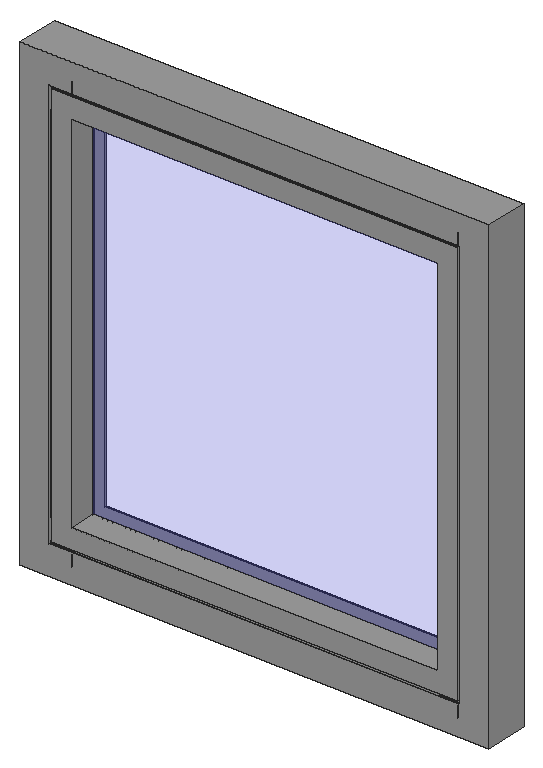
Revit family "3375 OC001_v02", category Windows, host Wall, Revit 2015
Parameters
  Wall Thickness [instance] = 0' - 6"
  URL = "obe.com"
  Rough Width = Width + 0' 0 1/2"  # 3' - 0 1/2"
  Rough Height = Height + 0' 0 1/2"  # 3' - 0 1/2"
  Offset Limitation [instance] = if((Offset + 0' 3 11/16") > Wall Thickness, (Wall Thickness - 0' 3 3/8"), Offset)  # 0' - 0"
  Offset [instance] = 0' - 0"
  Model = "3375 OC001"
  Manufacturer = "Oldcastle BuildingEnvelope®"
  Keynote = "08 51 00"
  Height = 3' - 0"
  Glass Material = Glass
  Gasket Material = Gasket
  Frame Material = Aluminum
  Description = "SIGNATURE SERIES 3375"
  Default Sill Height = 3' - 0"
  Wall Closure = By host
  Width = 3' - 0"
  Assembly Code = "B2020"
Reference planes (in)
  plane 1 "Center (Front/Back)": y = 0
  plane 2: z = 0
  plane 3 "Center (Left/Right)": x = 0
  plane 4 "Left": x = -18.25
  plane 5 "Right": x = 18.25
  plane 6 "Sill": z = 36
  plane 7 "Top": z = 72.5
  plane 8: x = 18
  plane 9: x = -18
  plane 10: z = 72.25
  plane 11: z = 36.25
  plane 12 "Offset": y = 3
  plane 13: z = 39.17769
  plane 14: z = 69.32231
  plane 15 "EXT": y = 2.84
  plane 16: z = 54.25
Forms (in)
  Sweep 1, solid, material "Aluminum" <- "Frame Material"
    path origin (0, 3, 0) x (1, 0, 0) y (0, 0, 1)
      loop
        line (-18, 36) -> (-18, 72.5)
    profile origin (-18, 3, 54.25) x (-1, 0, 0) y (0, -1, 0)
      loop
        line (-2, 3.375) -> (-2, 3.305) -> (-1, 3.305) -> (-1, 0) -> (0.25, 0) -> (0.25, 3.375) -> (-2, 3.375)
  Sweep 2, solid, material "Aluminum" <- "Frame Material"
    path origin (0, 3, 0) x (1, 0, 0) y (0, 0, 1)
      loop
        line (18, 36) -> (18, 72.5)
    profile origin (18, 3, 54.25) x (-1, 0, 0) y (0, -1, 0)
      loop
        line (-0.25, 3.375) -> (-0.25, 0) -> (1, 0) -> (1, 3.305) -> (2, 3.305) -> (2, 3.375) -> (-0.25, 3.375)
  Sweep 3, solid, material "Aluminum" <- "Frame Material"
    path origin (0, 3, 0) x (1, 0, 0) y (0, 0, 1)
      loop
        line (-18.25, 36.25) -> (18.25, 36.25)
    profile origin (0, 3, 36.25) x (0, 0, 1) y (0, -1, 0)
      loop
        line (-0.25, 3.375) -> (-0.25, 0) -> (1, 0) -> (1, 3.305) -> (2, 3.305) -> (2, 3.375) -> (-0.25, 3.375)
  Sweep 4, solid, material "Aluminum" <- "Frame Material"
    path origin (0, 3, 0) x (1, 0, 0) y (0, 0, 1)
      loop
        line (18.25, 72.25) -> (-18.25, 72.25)
    profile origin (0, 3, 72.25) x (0, 0, -1) y (0, -1, 0)
      loop
        line (-0.25, 3.375) -> (-0.25, 0) -> (0.99869, 0) -> (0.99869, 3.30485) -> (2, 3.30485) -> (2, 3.375) -> (-0.25, 3.375)
  Extrusion 5, solid, material "Glass" <- "Glass Material"
    sketch origin (0, 0, 36) x (0, -1, 0) y (1, 0, 0)
      loop
        line (-2.84, -15.07231) -> (-1.84, -15.07231) -> (-1.84, 15.07231) -> (-2.84, 15.07231) -> (-2.84, -15.07231)
    from 3.17769 to 33.32231
  Sweep 6, solid, material "Gasket" <- "Gasket Material", detail levels fine
    path origin (0, 3, 0) x (1, 0, 0) y (0, 0, 1)
      loop
        line (18, 72.25) -> (-18, 72.25) -> (-18, 36.25) -> (18, 36.25) -> (18, 72.25)
    profile origin (0, 3, 72.25) x (0, 0, -1) y (0, -1, 0)
      loop
        line (3.51276, 1.16) -> (3.6381, 1.16)
        arc (3.6381, 1.16) -> (3.68902, 1.22251) -> (3.63811, 1.28504) r 0.06384
        line (3.63811, 1.28504) -> (3.51276, 1.28504)
        arc (3.51276, 1.28504) -> (3.4645, 1.22252) -> (3.51276, 1.16) r 0.06463
  Sweep 7, solid, material "Aluminum" <- "Frame Material"
    path origin (0, 3, 0) x (1, 0, 0) y (0, 0, 1)
      loop
        line (17.241, 72.25) -> (-17.241, 72.25)
    profile origin (0, 3, 72.25) x (0, 0, -1) y (0, -1, 0)
      loop
        line (0.759, -0.33) -> (2.55269, -0.33) -> (2.55269, 0) -> (3.74954, 0) -> (3.74954, 0.16) -> (2.92769, 0.16) -> (2.92769, 1.28504) -> (3.74954, 1.28504) -> (3.74954, 3.375) -> (2.18688, 3.375) -> (2.18688, 3.21497) -> (1.46757, 3.21497) -> (1.46757, -0.26503) -> (0.759, -0.26503) -> (0.759, -0.33)
  Sweep 8, solid, material "Aluminum" <- "Frame Material"
    path origin (0, 3, 0) x (1, 0, 0) y (0, 0, 1)
      loop
        line (17.241, 36.25) -> (-17.241, 36.25)
    profile origin (0, 3, 36.25) x (0, 0, -1) y (0, -1, 0)
      loop
        line (-0.759, -0.33) -> (-0.759, 0) -> (-1.46766, 0) -> (-1.46766, 3.215) -> (-2.18704, 3.215) -> (-2.18704, 3.375) -> (-3.74954, 3.375) -> (-3.74954, 1.28504) -> (-2.92769, 1.28504) -> (-2.92769, 0.16) -> (-3.74954, 0.16) -> (-3.74954, 0) -> (-2.55269, 0) -> (-2.55269, -0.33) -> (-0.759, -0.33)
  Sweep 9, solid, material "Aluminum" <- "Frame Material"
    path origin (0, 3, 0) x (1, 0, 0) y (0, 0, 1)
      loop
        line (18, 71.491) -> (18, 37.009)
    profile origin (18, 3, 54.25) x (0, -1, 0) y (1, 0, 0)
      loop
        line (3.375, -2.18704) -> (3.215, -2.18704) -> (3.215, -1.46766) -> (0, -1.46766) -> (0, -0.759) -> (-0.33, -0.759) -> (-0.33, -2.55269) -> (0, -2.55269) -> (0, -3.74954) -> (0.16, -3.74954) -> (0.16, -2.92769) -> (1.28504, -2.92769) -> (1.28504, -3.74954) -> (3.375, -3.74954) -> (3.375, -2.18704)
  Sweep 10, solid, material "Aluminum" <- "Frame Material"
    path origin (0, 3, 0) x (1, 0, 0) y (0, 0, 1)
      loop
        line (-18, 71.491) -> (-18, 37.009)
    profile origin (-18, 3, 54.25) x (0, -1, 0) y (1, 0, 0)
      loop
        line (1.28504, 3.74954) -> (1.28504, 2.92769) -> (0.16, 2.92769) -> (0.16, 3.74954) -> (0, 3.74954) -> (0, 2.55269) -> (-0.33, 2.55269) -> (-0.33, 0.759) -> (0, 0.759) -> (0, 1.46766) -> (3.215, 1.46766) -> (3.215, 2.18704) -> (3.375, 2.18704) -> (3.375, 3.74954) -> (1.28504, 3.74954)
  Sweep 11, void
    path origin (0, 3, 0) x (1, 0, 0) y (0, 0, 1)
      loop
        line (-16, 72.25) -> (16, 72.25)
    profile origin (0, 3, 72.25) x (0, 0, 1) y (0, -1, 0)
      loop
        line (-2, 3.375) -> (-2.18688, 3.375) -> (-2.18688, 3.21497) -> (-2, 3.21497) -> (-2, 3.375)
  Sweep 12, void
    path origin (0, 3, 0) x (1, 0, 0) y (0, 0, 1)
      loop
        line (-16, 36.25) -> (16, 36.25)
    profile origin (0, 3, 36.25) x (0, 0, 1) y (0, -1, 0)
      loop
        line (2.18704, 3.21497) -> (2.18704, 3.375) -> (2, 3.375) -> (2, 3.21497) -> (2.18704, 3.21497)
  Sweep 13, void
    path origin (0, 3, 0) x (1, 0, 0) y (0, 0, 1)
      loop
        line (-18, 38.25) -> (-18, 70.25)
    profile origin (-18, 3, 54.25) x (-1, 0, 0) y (0, -1, 0)
      loop
        line (-2, 3.375) -> (-2.18704, 3.375) -> (-2.18704, 3.21497) -> (-2, 3.21497) -> (-2, 3.375)
  Sweep 14, void
    path origin (0, 3, 0) x (1, 0, 0) y (0, 0, 1)
      loop
        line (18, 70.06312) -> (18, 38.43704)
    profile origin (18, 3, 54.25008) x (0, -1, 0) y (1, 0, 0)
      loop
        line (3.375, -2.18704) -> (3.375, -2) -> (3.21497, -2) -> (3.21497, -2.18704) -> (3.375, -2.18704)
Cuts and joins
  Sweep 11, Sweep 12, Sweep 13, Sweep 14 cuts Sweep 1
  Sweep 11, Sweep 12, Sweep 13, Sweep 14 cuts Sweep 2
  Sweep 11, Sweep 12, Sweep 13, Sweep 14 cuts Sweep 3
  Sweep 11, Sweep 12, Sweep 13, Sweep 14 cuts Sweep 4
  Sweep 11, Sweep 12, Sweep 13, Sweep 14 cuts Sweep 7
  Sweep 11, Sweep 12, Sweep 13, Sweep 14 cuts Sweep 8
  Sweep 11, Sweep 12, Sweep 13, Sweep 14 cuts Sweep 9
  Sweep 11, Sweep 12, Sweep 13, Sweep 14 cuts Sweep 10
  joined: Sweep 1, Sweep 2, Sweep 3, Sweep 4, Sweep 7, Sweep 8, Sweep 9, Sweep 10
Lines and regions (in)
  Opening 1
    outline origin (-60, -3, 0) x (1, 0, 0) y (0, 0, 1)
      loop
        line (41.75, 72.5) -> (41.75, 36) -> (78.25, 36) -> (78.25, 72.5) -> (41.75, 72.5)
  model lines, style "Opening Direction"
    curve 1: line (-14.25046, 2.84, 68.50046) -> (14.25046, 2.84, 54.25)
    curve 2: line (-14.25046, 2.84, 39.99954) -> (14.25046, 2.84, 54.25)
Text (in)
  text "EXTERIOR" at (-58.6888, 50.90694, 0), in view "Ref. Level"
  text "INTERIOR" at (-58.6888, -37.76638, 0), in view "Ref. Level"
  text "Exterior" at (0, 43.65631, 123.19604), in view "Left"
  text "Exterior" at (0, 18.29385, 125.04747), in view "Right"
  text "Min Operable Size\n\n20\" width x 22\" height\n\n\n\nMax Operable Size\n\n48\" x 72\"\n\n\n\n\n\nOperable Width must be less than or equal to height" at (126.0177, 73.12117, 0), in view "Ref. Level"
Dimensions and locks (in)
  equal spacing: plane 4 "Left", plane 3 "Center (Left/Right)", plane 5 "Right"
  "Rough Height": plane 6 "Sill" to plane 7 "Top"
  "Default Sill Height": plane 2 to plane 6 "Sill"
  locked: plane 6 "Sill" to plane 11 at 0.25
  locked: plane 8 to plane 5 "Right" at 0.25
  "Height": plane 11 to plane 10
  "Offset Limitation": plane 12 "Offset" to host wall
  "Wall Thickness": host wall to host wall
  "Width": plane 9 to plane 8
  "Rough Width": plane 4 "Left" to plane 5 "Right"
  Extrusion 5 sketch curve to Extrusion 5 sketch curve to plane 12 "Offset" = 0' - 1" locked, 0' - 0.16" locked
  locked: plane 14 to plane 10 at 2.92769
  locked: plane 11 to plane 13 at 2.92769
  locked: plane 15 "EXT" to plane 12 "Offset" at 0.16
  equal spacing: plane 6 "Sill", plane 16, plane 7 "Top"
  aligned and locked: plane 7 "Top" to Opening 1 sketch curve
  aligned and locked: plane 6 "Sill" to Opening 1 sketch curve  (x2)
  aligned and locked: plane 5 "Right" to Opening 1 sketch curve
  aligned and locked: plane 4 "Left" to Opening 1 sketch curve
  aligned and locked: level to plane 2
  aligned and locked: nested 1 to plane 11
  aligned and locked: nested 2 to plane 11
  aligned and locked: Extrusion 5 to plane 14
  aligned and locked: plane 13 to Extrusion 5
  aligned and locked: plane 3 "Center (Left/Right)" to nested 1
  aligned and locked: plane 12 "Offset" to nested 1
  aligned and locked: plane 3 "Center (Left/Right)" to nested 2
  aligned and locked: plane 12 "Offset" to nested 2
  aligned and locked: plane 10 to Sweep 7 sketch curve
  aligned and locked: plane 11 to Sweep 8 sketch curve
  aligned and locked: Sweep 9 sketch curve to plane 8
  aligned and locked: Sweep 10 sketch curve to plane 9
  aligned and locked: plane 10 to Sweep 11 sketch curve
  aligned and locked: plane 11 to Sweep 12 sketch curve
  aligned and locked: Sweep 13 sketch curve to plane 9
  aligned and locked: plane 8 to Sweep 14 sketch curve
  aligned and locked: plane 16 to curve 2
Automatic sketch dimensions
  Sweep 1 sketch curve to plane 7 "Top" = 0' - 0"
  plane 9 to Sweep 1 sketch curve = 0' - 0"
  Sweep 1 sketch curve to plane 6 "Sill" = 0' - 0"
  Sweep 1 sketch curve to profile plane = 0' - 0 1/4"
  Sweep 2 sketch curve to plane 7 "Top" = 0' - 0"
  plane 8 to Sweep 2 sketch curve = 0' - 0"
  Sweep 2 sketch curve to plane 6 "Sill" = 0' - 0"
  plane 12 "Offset" to Sweep 2 sketch curve = 0' - 0"
  plane 4 "Left" to Sweep 3 sketch curve = 0' - 0"
  plane 5 "Right" to Sweep 3 sketch curve = 0' - 0"
  Sweep 3 sketch curve to plane 11 = 0' - 0"
  profile plane to Sweep 3 sketch curve = 0' - 0 1/4"
  plane 4 "Left" to Sweep 4 sketch curve = 0' - 0"
  plane 5 "Right" to Sweep 4 sketch curve = 0' - 0"
  Sweep 4 sketch curve to plane 10 = 0' - 0"
  Extrusion 5 sketch curve to plane 9 = 0' - 2.92769"
  plane 8 to Extrusion 5 sketch curve = 0' - 2.92769"
  plane 9 to Sweep 6 sketch curve = 0' - 0"
  plane 8 to Sweep 6 sketch curve = 0' - 0"
  Sweep 6 sketch curve to plane 11 = 0' - 0"
  Sweep 6 sketch curve to plane 10 = 0' - 0"
  plane 12 "Offset" to Sweep 6 sketch curve = 0' - 1.28504"
  Sweep 6 sketch curve to profile plane = 0' - 3.51276"
  Sweep 6 sketch curve to Sweep 6 sketch curve = 0' - 0.01637"  (x2)
  Sweep 6 sketch curve to Sweep 6 sketch curve = 0' - 0.09604"
  Sweep 6 sketch curve to Sweep 6 sketch curve = 0' - 0.01294"
  Sweep 6 sketch curve to Sweep 6 sketch curve = 0' - 0 1/16"
  Sweep 6 sketch curve to Sweep 6 sketch curve = 0' - 0.01292"
  plane 12 "Offset" to Sweep 4 sketch curve = 0' - 0"
  profile plane to Sweep 4 sketch curve = 0' - 0 1/4"
  Sweep 4 sketch curve to Sweep 4 sketch curve = 0' - 3 3/8"
  Sweep 4 sketch curve to profile plane = 0' - 0.99869"
  Sweep 4 sketch curve to Sweep 4 sketch curve = 0' - 1.00131"
  Sweep 4 sketch curve to Sweep 4 sketch curve = 0' - 0.07016"
  Sweep 3 sketch curve to profile plane = 0' - 1"
  Sweep 3 sketch curve to Sweep 3 sketch curve = 0' - 1"
  plane 12 "Offset" to Sweep 3 sketch curve = 0' - 0"
  Sweep 3 sketch curve to Sweep 3 sketch curve = 0' - 3.305"
  Sweep 3 sketch curve to Sweep 3 sketch curve = 0' - 0.07"
  profile plane to Sweep 2 sketch curve = 0' - 0 1/4"
  Sweep 2 sketch curve to profile plane = 0' - 1"
  Sweep 2 sketch curve to Sweep 2 sketch curve = 0' - 1"
  Sweep 2 sketch curve to Sweep 2 sketch curve = 0' - 3.305"
  Sweep 2 sketch curve to Sweep 2 sketch curve = 0' - 0.07"
  plane 12 "Offset" to Sweep 1 sketch curve = 0' - 0"
  profile plane to Sweep 1 sketch curve = 0' - 1"
  Sweep 1 sketch curve to Sweep 1 sketch curve = 0' - 1"
  Sweep 1 sketch curve to Sweep 1 sketch curve = 0' - 3.305"
  Sweep 1 sketch curve to Sweep 1 sketch curve = 0' - 0.07"
  Sweep 7 sketch curve to plane 9 = 0' - 0.759"
  plane 8 to Sweep 7 sketch curve = 0' - 0.759"
  Sweep 7 sketch curve to plane 12 "Offset" = 0' - 0"
  Sweep 7 sketch curve to plane 12 "Offset" = 0' - 0.33"
  Sweep 7 sketch curve to profile plane = 0' - 0.759"
  Sweep 7 sketch curve to Sweep 7 sketch curve = 0' - 1.79369"
  Sweep 7 sketch curve to Sweep 7 sketch curve = 0' - 0 3/8"
  plane 12 "Offset" to Sweep 7 sketch curve = 0' - 0.16"
  Sweep 7 sketch curve to Sweep 7 sketch curve = 0' - 0.82185"
  Sweep 7 sketch curve to Sweep 7 sketch curve = 0' - 1.56266"
  Sweep 7 sketch curve to Sweep 7 sketch curve = 0' - 1.12504"
  Sweep 7 sketch curve to Sweep 7 sketch curve = 0' - 1.92993"
  Sweep 7 sketch curve to Sweep 7 sketch curve = 0' - 0.16003"
  Sweep 7 sketch curve to Sweep 7 sketch curve = 0' - 0.70857"
  Sweep 7 sketch curve to Sweep 7 sketch curve = 0' - 0.71931"
  Sweep 7 sketch curve to plane 12 "Offset" = 0' - 0.26503"
  Sweep 8 sketch curve to plane 9 = 0' - 0.759"
  plane 8 to Sweep 8 sketch curve = 0' - 0.759"
  Sweep 8 sketch curve to plane 12 "Offset" = 0' - 0.33"
  profile plane to Sweep 8 sketch curve = 0' - 0.759"
  Sweep 8 sketch curve to Sweep 8 sketch curve = 0' - 1.79369"
  plane 12 "Offset" to Sweep 8 sketch curve = 0' - 0"
  plane 12 "Offset" to Sweep 8 sketch curve = 0' - 0.16"
  Sweep 8 sketch curve to Sweep 8 sketch curve = 0' - 0 3/8"
  Sweep 8 sketch curve to Sweep 8 sketch curve = 0' - 1.12504"
  Sweep 8 sketch curve to Sweep 8 sketch curve = 0' - 2.08996"
  Sweep 8 sketch curve to Sweep 8 sketch curve = 0' - 0"
  Sweep 8 sketch curve to Sweep 8 sketch curve = 0' - 0.82185"
  Sweep 8 sketch curve to Sweep 8 sketch curve = 0' - 0.71938"
  Sweep 8 sketch curve to Sweep 8 sketch curve = 0' - 1.08503"
  Sweep 8 sketch curve to Sweep 8 sketch curve = 0' - 0.16"
  Sweep 8 sketch curve to plane 12 "Offset" = 0' - 0"
  Sweep 9 sketch curve to plane 11 = 0' - 0.759"
  plane 10 to Sweep 9 sketch curve = 0' - 0.759"
  plane 12 "Offset" to Sweep 9 sketch curve = 0' - 1.28504"
  Sweep 9 sketch curve to Sweep 9 sketch curve = 0' - 0.82185"
  Sweep 9 sketch curve to Sweep 9 sketch curve = 0' - 0"
  plane 12 "Offset" to Sweep 9 sketch curve = 0' - 0"  (x2)
  Sweep 9 sketch curve to Sweep 9 sketch curve = 0' - 0.16"  (x2)
  Sweep 9 sketch curve to plane 12 "Offset" = 0' - 0.33"
  Sweep 9 sketch curve to Sweep 9 sketch curve = 0' - 0 3/8"
  Sweep 9 sketch curve to Sweep 9 sketch curve = 0' - 3.215"
  Sweep 9 sketch curve to Sweep 9 sketch curve = 0' - 1.08503"
  profile plane to Sweep 9 sketch curve = 0' - 0.759"
  profile plane to Sweep 9 sketch curve = 0' - 1.46766"
  Sweep 9 sketch curve to Sweep 9 sketch curve = 0' - 1 9/16"
  Sweep 10 sketch curve to plane 11 = 0' - 0.759"
  plane 10 to Sweep 10 sketch curve = 0' - 0.759"
  Sweep 10 sketch curve to profile plane = 0' - 2.18704"
  plane 12 "Offset" to Sweep 10 sketch curve = 0' - 1.28504"
  Sweep 10 sketch curve to profile plane = 0' - 0.759"
  Sweep 10 sketch curve to Sweep 10 sketch curve = 0' - 3.215"
  Sweep 10 sketch curve to plane 12 "Offset" = 0' - 0.33"
  Sweep 10 sketch curve to Sweep 10 sketch curve = 0' - 0.70866"
  Sweep 10 sketch curve to Sweep 10 sketch curve = 0' - 1 9/16"
  plane 12 "Offset" to Sweep 10 sketch curve = 0' - 0.16"
  Sweep 10 sketch curve to Sweep 10 sketch curve = 0' - 0 3/8"
  Sweep 10 sketch curve to Sweep 10 sketch curve = 0' - 0.82185"  (x2)
  Sweep 10 sketch curve to Sweep 10 sketch curve = 0' - 0.16"
  plane 12 "Offset" to Sweep 10 sketch curve = 0' - 0"  (x2)
  Sweep 11 sketch curve to plane 9 = 0' - 2"
  plane 8 to Sweep 11 sketch curve = 0' - 2"
  profile plane to Sweep 11 sketch curve = 0' - 2.18688"
  Sweep 11 sketch curve to Sweep 11 sketch curve = 0' - 0.18689"
  plane 12 "Offset" to Sweep 11 sketch curve = 0' - 3.21497"
  Sweep 11 sketch curve to Sweep 11 sketch curve = 0' - 0.16003"
  Sweep 12 sketch curve to plane 9 = 0' - 2"
  plane 8 to Sweep 12 sketch curve = 0' - 2"
  Sweep 12 sketch curve to profile plane = 0' - 2"
  Sweep 12 sketch curve to Sweep 12 sketch curve = 0' - 0.18704"
  plane 12 "Offset" to Sweep 12 sketch curve = 0' - 3.21497"
  Sweep 12 sketch curve to Sweep 12 sketch curve = 0' - 0.16003"
  plane 13 to Sweep 13 sketch curve = 0' - 0.92769"
  plane 10 to Sweep 13 sketch curve = 0' - 2"
  profile plane to Sweep 13 sketch curve = 0' - 2.18704"
  Sweep 13 sketch curve to Sweep 13 sketch curve = 0' - 0.18704"
  plane 12 "Offset" to Sweep 13 sketch curve = 0' - 3.21497"
  Sweep 13 sketch curve to Sweep 13 sketch curve = 0' - 0.16003"
  Sweep 14 sketch curve to plane 11 = 0' - 2.18704"
  Sweep 14 sketch curve to plane 14 = 0' - 0.74081"
  plane 12 "Offset" to Sweep 14 sketch curve = 0' - 3.21497"
  Sweep 14 sketch curve to Sweep 14 sketch curve = 0' - 0.16003"
  profile plane to Sweep 14 sketch curve = 0' - 2.18704"
  Sweep 14 sketch curve to Sweep 14 sketch curve = 0' - 0.18704"
  curve 2 to plane 13 = 0' - 0.82185"
  curve 2 to plane 9 = 0' - 3.74954"
  plane 14 to curve 1 = 0' - 0.82185"
  curve 1 to plane 9 = 0' - 3.74954"
  plane 8 to curve 2 = 0' - 3.74954"
Nested families (in)
  nested 1: "S-3375 LAP-Plan View" at (0, 3, 0.25), Default Sill Height <- "Default Sill Height", Height <- "Height", Width <- "Width", type "S-3375 LAP-Plan View"
    with Width 3' - 0", Height 3' - 0", Default Sill Height 3' - 0"
  nested 2: "S-3375 LAP-Section Operable" at (0, 3, 0.25), Default Sill Height <- "Default Sill Height", Height <- "Height", Width <- "Width", type "S-3375 LAP-Section Operable"
    with Width 3' - 0", Height 3' - 0", Default Sill Height 3' - 0"
Definition of nested family "S-3375 LAP-Plan View"
  Parameters (values of type "S-3375 LAP-Plan View")
    Width [instance] = 3' - 0"
    Height [instance] = 3' - 0"
    Default Sill Height [instance] = 3' - 0"
    Analytic Construction = "<None>"
  Reference planes (in)
    plane 1 "Center (Front/Back)": y = 0
    plane 2: z = 0
    plane 3 "Center (Left/Right)": x = 0
    plane 4: z = 36
  Lines and regions (in)
    model lines, not visible
      curve 1: line (0, 0, 36) -> (0, 0, 72)
  Dimensions and locks (in)
    "Default Sill Height": plane 4 to plane 2
    "Height": curve 1 to plane 4
    aligned and locked: plane 2 to level
    aligned and locked: plane 4 to curve 1
    aligned and locked: plane 1 "Center (Front/Back)" to curve 1
    aligned and locked: plane 3 "Center (Left/Right)" to nested 1
    aligned and locked: plane 1 "Center (Front/Back)" to nested 1
  Nested families (in)
    nested 1: "S-3375 LAP-Plan View" at (-12, 0, 0), Width <- "Width", type "S-3375 LAP-Plan View"
      with Width 3' - 0"
  Definition of nested family "S-3375 LAP-Plan View"
    Parameters (values of type "S-3375 LAP-Plan View")
      Width [instance] = 2' - 0"
    Reference planes (in)
      plane 1 "Center (Front/Back)": y = 0
      plane 2: z = 0
      plane 3 "C": x = 0
      plane 4: x = 24
      plane 5: x = 21.07231
      plane 6: x = 2.92769
      plane 7 "Center (Left/Right)": x = 12
    Lines and regions (in)
      detail lines, in view "Ref. Level"
        curve 1: line (2.92769, -1.16, 0) -> (21.07231, -1.16, 0)
        curve 2: line (2.92769, -0.16, 0) -> (21.07231, -0.16, 0)
    Dimensions and locks (in)
      "Width": plane 3 "C" to plane 4
      locked: plane 3 "C" to plane 6 at 2.92769
      locked: plane 5 to plane 4 at 2.92769
      equal spacing: plane 3 "C", plane 7 "Center (Left/Right)", plane 4
      aligned and locked: nested 2 to plane 3 "C"
      aligned and locked: nested 1 to plane 4
      aligned and locked: nested 1 to plane 1 "Center (Front/Back)"
      aligned and locked: nested 2 to plane 1 "Center (Front/Back)"
      aligned and locked: plane 6 to curve 2
      aligned and locked: plane 6 to curve 1
      aligned and locked: plane 5 to curve 2
      aligned and locked: plane 5 to curve 1
    Automatic sketch dimensions
      plane 1 "Center (Front/Back)" to curve 2 = 0' - 0.16"
      curve 1 to curve 2 = 0' - 1"
    Nested families (in)
      nested 1: "S-3375 LAP-JAMB L" at (24, 0, 0) x (-1, 0, 0) z (0, 0, 1), type "S-3375 LAP-JAMB L", in view "Ref. Level"
      nested 2: "S-3375 LAP-JAMB R" at (0, 0, 0) x (-1, 0, 0) z (0, 0, 1), type "S-3375 LAP-JAMB R", in view "Ref. Level"
    Definition of nested family "S-3375 LAP-JAMB L"
      Reference planes (in)
        plane 1 "Center (Front/Back)": y = 0
        plane 2: z = 0
        plane 3 "Center (Left/Right)": x = 0
      Lines and regions (in)
        detail lines, in view "Ref. Level"
          curve 1: line (3.74954, 3.375, 0) -> (-0.25, 3.375, 0)
          curve 2: line (-0.25, 3.375, 0) -> (-0.25, 0, 0)
          curve 3: line (-0.25, 0, 0) -> (0.759, 0, 0)
          curve 4: line (0.759, 0, 0) -> (0.759, -0.33, 0)
          curve 5: line (0.759, -0.33, 0) -> (2.55269, -0.33, 0)
          curve 6: line (2.55269, -0.33, 0) -> (2.55269, 0, 0)
          curve 7: line (2.55269, 0, 0) -> (3.74954, 0, 0)
          curve 8: line (3.74954, 0, 0) -> (3.74954, 0.16, 0)
          curve 9: line (3.74954, 0.16, 0) -> (2.92769, 0.16, 0)
          curve 10: line (2.92769, 0.16, 0) -> (2.92769, 1.16, 0)
          curve 11: line (2.92769, 1.16, 0) -> (3.74954, 1.16, 0)
          curve 12: line (3.74954, 1.16, 0) -> (3.74954, 3.375, 0)
    Definition of nested family "S-3375 LAP-JAMB R"
      Reference planes (in)
        plane 1 "Center (Front/Back)": y = 0
        plane 2: z = 0
        plane 3 "Center (Left/Right)": x = 0
      Lines and regions (in)
        detail lines, in view "Ref. Level"
          curve 1: line (-3.74954, 3.375, 0) -> (0.25, 3.375, 0)
          curve 2: line (0.25, 3.375, 0) -> (0.25, 0, 0)
          curve 3: line (0.25, 0, 0) -> (-0.759, 0, 0)
          curve 4: line (-0.759, 0, 0) -> (-0.759, -0.33, 0)
          curve 5: line (-0.759, -0.33, 0) -> (-2.55269, -0.33, 0)
          curve 6: line (-2.55269, -0.33, 0) -> (-2.55269, 0, 0)
          curve 7: line (-2.55269, 0, 0) -> (-3.74954, 0, 0)
          curve 8: line (-3.74954, 0, 0) -> (-3.74954, 0.16, 0)
          curve 9: line (-3.74954, 0.16, 0) -> (-2.92769, 0.16, 0)
          curve 10: line (-2.92769, 0.16, 0) -> (-2.92769, 1.16, 0)
          curve 11: line (-2.92769, 1.16, 0) -> (-3.74954, 1.16, 0)
          curve 12: line (-3.74954, 1.16, 0) -> (-3.74954, 3.375, 0)
Definition of nested family "S-3375 LAP-Section Operable"
  Parameters (values of type "S-3375 LAP-Section Operable")
    Width [instance] = 3' - 0"
    Height [instance] = 3' - 0"
    Default Sill Height [instance] = 3' - 0"
    Analytic Construction = "<None>"
  Reference planes (in)
    plane 1 "Center (Front/Back)": y = 0
    plane 2: z = 0
    plane 3 "Center (Left/Right)": x = 0
    plane 4: z = 36
  Lines and regions (in)
    model lines, not visible
      curve 1: line (-18, 0, 0) -> (18, 0, 0)
  Dimensions and locks (in)
    equal spacing: curve 1, plane 3 "Center (Left/Right)", curve 1
    "Width": curve 1 to curve 1
    "Default Sill Height": plane 4 to plane 2
    aligned and locked: plane 2 to level
    aligned and locked: plane 1 "Center (Front/Back)" to curve 1
    aligned and locked: nested 1 to plane 4
    aligned and locked: plane 1 "Center (Front/Back)" to nested 1
  Nested families (in)
    nested 1: "S-3375 LAP-Section Operable" at (0, 0, 36) x (0, -1, 0) z (-1, 0, 0), Height <- "Height", type "S-3375 LAP-Section Operable"
      with Height 3' - 0"
  Definition of nested family "S-3375 LAP-Section Operable"
    Parameters (values of type "S-3375 LAP-Section Operable")
      Height [instance] = 3' - 0"
    Reference planes (in)
      plane 1 "Center (Front/Back)": y = 0
      plane 2: z = 0
      plane 3 "Center (Left/Right)": x = 0
      plane 4: y = 36
      plane 5: y = 33.07231
      plane 6: y = 2.92769
    Lines and regions (in)
      detail lines, in view "Ref. Level"
        curve 1: line (1.16, 2.92769, 0) -> (1.16, 33.07231, 0)
        curve 2: line (0.16, 2.92769, 0) -> (0.16, 33.07231, 0)
    Dimensions and locks (in)
      "Height": plane 1 "Center (Front/Back)" to plane 4
      locked: plane 6 to plane 1 "Center (Front/Back)" at 2.92769
      locked: plane 4 to plane 5 at 2.92769
      aligned and locked: plane 1 "Center (Front/Back)" to nested 2
      aligned and locked: nested 1 to plane 4
      aligned and locked: plane 3 "Center (Left/Right)" to nested 1
      aligned and locked: plane 3 "Center (Left/Right)" to nested 2
      aligned and locked: plane 6 to curve 1
      aligned and locked: plane 6 to curve 2
      aligned and locked: plane 5 to curve 1
      aligned and locked: plane 5 to curve 2
    Automatic sketch dimensions
      plane 3 "Center (Left/Right)" to curve 2 = 0' - 0.16"
      curve 2 to curve 1 = 0' - 1"
    Nested families (in)
      nested 1: "S-3375 LAP-HEAD" at (0, 36, 0), type "S-3375 LAP-HEAD", in view "Ref. Level"
      nested 2: "S-3375 LAP-SILL" at (0, 0, 0), type "S-3375 LAP-SILL", in view "Ref. Level"
    Definition of nested family "S-3375 LAP-HEAD"
      Reference planes (in)
        plane 1 "Center (Front/Back)": y = 0
        plane 2: z = 0
        plane 3 "Center (Left/Right)": x = 0
      Lines and regions (in)
        detail lines, in view "Ref. Level"
          curve 1: line (3.375, 0.25, 0) -> (0, 0.25, 0)
          curve 2: line (0, 0.25, 0) -> (0, -0.759, 0)
          curve 3: line (0, -0.759, 0) -> (-0.33, -0.759, 0)
          curve 4: line (-0.33, -0.759, 0) -> (-0.33, -2.55269, 0)
          curve 5: line (-0.33, -2.55269, 0) -> (0, -2.55269, 0)
          curve 6: line (0, -2.55269, 0) -> (0, -3.74954, 0)
          curve 7: line (0, -3.74954, 0) -> (0.16, -3.74954, 0)
          curve 8: line (0.16, -3.74954, 0) -> (0.16, -2.92769, 0)
          curve 9: line (0.16, -2.92769, 0) -> (1.16, -2.92769, 0)
          curve 10: line (1.16, -2.92769, 0) -> (1.16, -3.74954, 0)
          curve 11: line (1.16, -3.74954, 0) -> (3.375, -3.74954, 0)
          curve 12: line (3.375, -3.74954, 0) -> (3.375, 0.25, 0)
    Definition of nested family "S-3375 LAP-SILL"
      Reference planes (in)
        plane 1 "Center (Front/Back)": y = 0
        plane 2: z = 0
        plane 3 "Center (Left/Right)": x = 0
      Lines and regions (in)
        detail lines, in view "Ref. Level"
          curve 1: line (3.375, 3.74954, 0) -> (3.375, -0.25, 0)
          curve 2: line (3.375, -0.25, 0) -> (0, -0.25, 0)
          curve 3: line (0, -0.25, 0) -> (0, 0.759, 0)
          curve 4: line (0, 0.759, 0) -> (-0.33, 0.759, 0)
          curve 5: line (-0.33, 0.759, 0) -> (-0.33, 2.55269, 0)
          curve 6: line (-0.33, 2.55269, 0) -> (0, 2.55269, 0)
          curve 7: line (0, 2.55269, 0) -> (0, 3.74954, 0)
          curve 8: line (0, 3.74954, 0) -> (0.16, 3.74954, 0)
          curve 9: line (0.16, 3.74954, 0) -> (0.16, 2.92769, 0)
          curve 10: line (0.16, 2.92769, 0) -> (1.16, 2.92769, 0)
          curve 11: line (1.16, 2.92769, 0) -> (1.16, 3.74954, 0)
          curve 12: line (1.16, 3.74954, 0) -> (3.375, 3.74954, 0)
